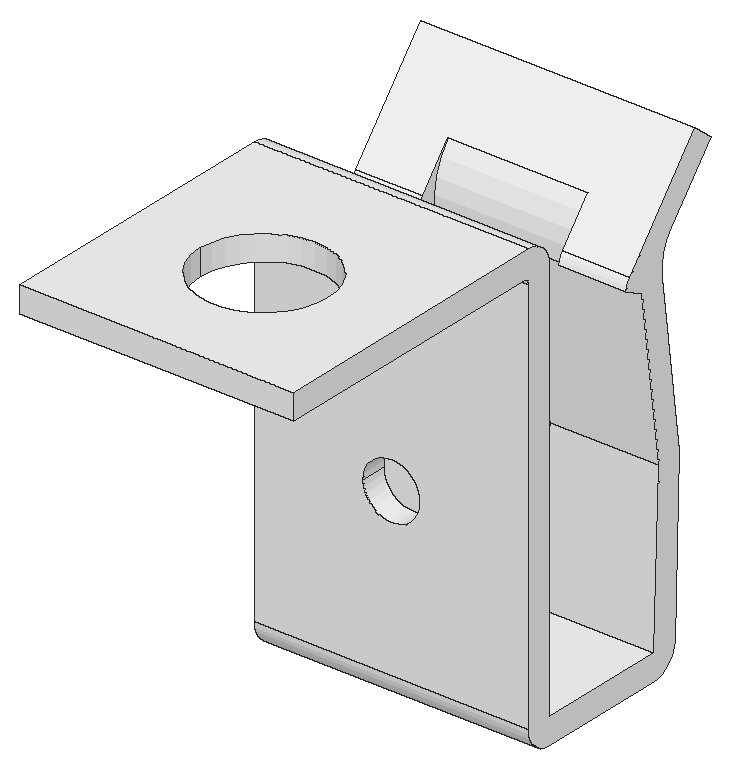
Revit family "hanger_c25", category 機械設備, Revit 2022
Family settings
  丸型コネクタ寸法 = 直径を使用
  種別 = なし
  パーツ タイプ = 標準
  作業面ベース = いいえ
  常に垂直 = はい
  ロード時にボイドで切り取り = いいえ
  注釈の向きを維持 = いいえ
  共有 = いいえ
  部屋計算ポイント = いいえ
Parameters
  製造元 = "株式会社桐井製作所"
  既定の高さ = 0 mm
  URL = "https://www.kirii.co.jp/"
  K_材質 = "SGHC　一般用"
  K_品名 = "C-25用ハンガー"
  K_名称 = "その他ハンガー"
  K_入数 = "500"
  K_バージョン情報 = "20211012"
  K_めっき付着量 = "Z12"
  K_JIS規格 = "JIS G 3302"
Reference planes
  plane 1 "中心(正面/背面)": y = 0
  plane 2: z = 0
  plane 3 "中心(左/右)": x = 0
  plane 4: x = 10.75
  plane 5: x = -10.75
Forms (mm)
  Extrusion 1, void
    sketch origin (0, -2.227, 0) x (1, 0, 0) y (0, 1, 0)
      loop
        circle (0, -17.432) r 5
    from 31.8 to 33.8
  Extrusion 2, solid
    sketch origin (0, 0, -1.6) x (0, 1, 0) y (0, 0, 1)
      loop
        line (5.604, 14.6) -> (5.15, 1.6) -> (-5.15, 1.6) -> (-5.15, 33.4)
        arc (-5.15, 33.4) -> (-5.736, 34.814) -> (-7.15, 35.4) r 2
        line (-7.15, 35.4) -> (-30.15, 35.4) -> (-30.15, 33.4) -> (-7.65, 33.4)
        arc (-7.65, 33.4) -> (-7.296, 33.254) -> (-7.15, 32.9) r 0.5
        line (-7.15, 32.9) -> (-7.15, 1.6)
        arc (-7.15, 1.6) -> (-6.564, 0.186) -> (-5.15, -0.4) r 2
        line (-5.15, -0.4) -> (5.15, -0.4)
        arc (5.15, -0.4) -> (6.539, 0.161) -> (7.149, 1.53) r 2
        line (7.149, 1.53) -> (7.609, 14.698) -> (5.885, 27.656)
        arc (5.885, 27.656) -> (6.007, 29.294) -> (6.777, 30.744) r 4
        line (6.777, 30.744) -> (10.694, 35.445) -> (9.17, 36.74) -> (5.24, 32.024)
        arc (5.24, 32.024) -> (4.086, 29.849) -> (3.902, 27.392) r 6
        line (3.902, 27.392) -> (5.604, 14.6)
    from -10.75 to 10.75
  Extrusion 3, solid
    sketch origin (0, 0, 0) x (0, 1, 0) y (0, 0, 1)
      loop
        line (10.694, 33.845) -> (9.17, 35.14) -> (2.757, 27.444)
        arc (2.757, 27.444) -> (2.507, 27.063) -> (2.35, 26.635) r 2
        line (2.35, 26.635) -> (4.102, 25.629)
        arc (4.102, 25.629) -> (4.259, 26.045) -> (4.503, 26.415) r 2
        line (4.503, 26.415) -> (10.694, 33.845)
    from -10.75 to 10.75
  Extrusion 4, void
    sketch origin (0, 0, 0) x (1, 0, 0) y (0, 1, 0)
      loop
        circle (0, 0.023) r 2.25
    from -2 to 0
  Extrusion 5, void
    sketch origin (0, -8.562, 5.156) x (1, 0, 0) y (0, 1, 0)
      loop
        line (-5.5, 19.466) -> (-5.5, 10.623) -> (5.5, 10.623) -> (5.5, 19.466) -> (-5.5, 19.466)
    from 19.337 to 30.9
  Extrusion 6, void
    sketch origin (0, 0, 0) x (1, 0, 0) y (0, 0, 1)
      loop
        circle (0, 13) r 2.25
    from 5.15 to 7.15
  Extrusion 7, void
    sketch origin (0, 12.455, 0) x (1, 0, 0) y (0, 0, 1)
      loop
        circle (0, 13) r 2.25
    from 4.805 to 7.15
Cuts and joins
  Extrusion 1, Extrusion 4, Extrusion 6, Extrusion 7 cuts Extrusion 2
  Extrusion 5 cuts Extrusion 3
  joined: Extrusion 2, Extrusion 3
Dimensions and locks
  aligned and locked: level to plane 2
